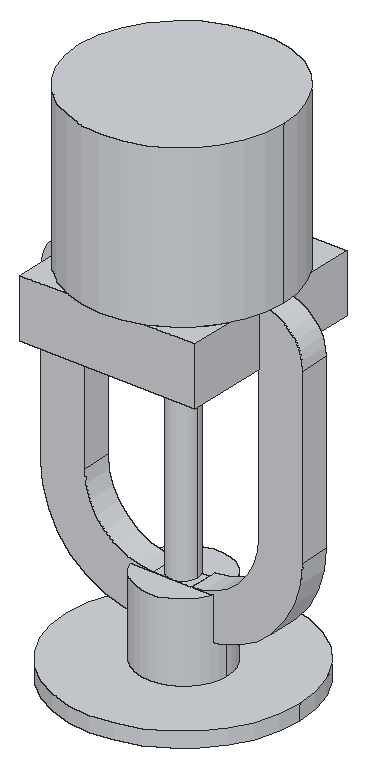
Revit family
Parameters (values of type "RASCO F1FR56 PENDENT")
  Temperature Rating = 155 °F
  Response = (empty or 0)
  RASCO SIN # = "RA1414"
  RASCO Part # = "F1FR56P1W"
  Pressure Rating = "175 PSI"
  Pressure Class = (empty or 0)
  Orifice Size = 1/2"
  Orifice = (empty or 0)
  Model = "F1FR56"
  Manufacturer = "RASCO"
  K-Factor = 5.6
  Description = "White Finish"
  Coverage = (empty or 0)
Reference planes (in)
  plane 1 "Center (Front/Back)": y = 0
  plane 2: z = 0
  plane 3 "Center (Left/Right)": x = 0
Dimensions and locks (in)
  aligned and locked: plane 2 to level
Nested families (in)
  nested 1: "F1FR56P1W" at (-0.0113, 0, 2.4375) x (-1, 0, 0) z (0, 0, -1), type "RASCO F1FR56 PENDENT"
Connectors (in)
  piping at (-0.0113, 0, 2.4375)
    settings: on nested 1, index 1, connector radius 115/256", flow factor 0, pipe flow 0 GPM, pressure drop 0.00 psi, fitting loss kfactor 0, connector angle 0.00°, fixture units 0, flow configuration 0, flow direction 0, fitting loss method 0, system type 7, connector reference index -1, connector utility 0, adjustable connector no, is connector primary yes, fitting loss table "", connector description ""
Definition of nested family "F1FR56P1W"
  Parameters (values of type "RASCO F1FR56 PENDENT")
    Type Comments = ""
    Temperature Rating = 0 °F
    Response = (empty or 0)
    Pressure Rating = "0"
    Pressure Class = (empty or 0)
    Orifice Size = 0"
    Orifice = (empty or 0)
    Model = ""
    Manufacturer = ""
    K-Factor = 0
    Description = ""
    Coverage = (empty or 0)
    Assembly Code = ""
  Reference planes (in)
    plane 1 "Center (Front/Back)": y = 0
    plane 2: z = 0
    plane 3 "ref.2": z = 0.6875
    plane 4 "ref.3": z = 0.9375
    plane 5: x = -0.38065
    plane 6: x = 0.36935
    plane 7 "ref. side 1": y = 0.06402
    plane 8 "ref. side 2": y = -0.06098
    plane 9 "ref.4": z = 1.875
    plane 10 "ref.5": z = 2.3125
    plane 11 "ref.6": z = 2.4375
  Forms (in)
    Extrusion 1, solid
      sketch origin (0, 0, 0) x (1, 0, 0) y (0, 1, 0)
        loop
          circle (0, 0) r 0.4379
      from 0 to 0.6875
    Extrusion 2, solid
      sketch origin (-0.12185, 0.05177, 0.6875) x (1, 0, 0) y (0, 1, 0)
        loop
          line (-0.2588, 0.356) -> (-0.2588, -0.4565) -> (0.4912, -0.4565) -> (0.4912, 0.356) -> (-0.2588, 0.356)
      from 0 to 0.25
    Extrusion 3, solid
      sketch origin (0, 0, 0) x (1, 0, 0) y (0, 0, 1)
        loop
          line (-0.38065, 0.68754) -> (-0.38065, 1.58397)
          arc (-0.38065, 1.58397) -> (-0.29541, 1.78976) -> (-0.08962, 1.875) r 0.29103
          line (-0.08962, 1.875) -> (0.07524, 1.875)
          arc (0.07524, 1.875) -> (0.28321, 1.78886) -> (0.36935, 1.58089) r 0.29411
          line (0.36935, 1.58089) -> (0.36935, 0.68751)
          arc (0.36935, 0.68751) -> (0.50207, 0.74393) -> (0.55685, 0.87734) r 0.18984
          line (0.55685, 0.87734) -> (0.55685, 1.61676)
          arc (0.55685, 1.61676) -> (0.42629, 1.93194) -> (0.11111, 2.0625) r 0.44574
          line (0.11111, 2.0625) -> (-0.12259, 2.0625)
          arc (-0.12259, 2.0625) -> (-0.43765, 1.932) -> (-0.56815, 1.61694) r 0.44556
          line (-0.56815, 1.61694) -> (-0.56815, 0.87876)
          arc (-0.56815, 0.87876) -> (-0.51345, 0.74486) -> (-0.38065, 0.68754) r 0.19126
      from -0.06402 to 0.06098
    Extrusion 4, solid
      sketch origin (0, 0, 0.9375) x (-1, 0, 0) y (0, -1, 0)
        loop
          circle (0.00574, -0.00152) r 0.0625
      from 0 to 0.9375
    Extrusion 5, solid
      sketch origin (0, 0, 1.875) x (-1, 0, 0) y (0, -1, 0)
        loop
          circle (0.00574, -0.00152) r 0.1875
      from 0 to 0.4375
    Extrusion 6, solid
      sketch origin (0, 0, 2.3125) x (0, -1, 0) y (1, 0, 0)
        loop
          circle (-0.00152, -0.00574) r 0.5
      from -0.10531 to -0.03987
  Cuts and joins
    joined: Extrusion 1, Extrusion 2, Extrusion 4
  Lines and regions (in)
    model lines
      curve 1: line (-0.00574, 0.06402, 1.875) -> (-0.00574, -0.06098, 1.875)
